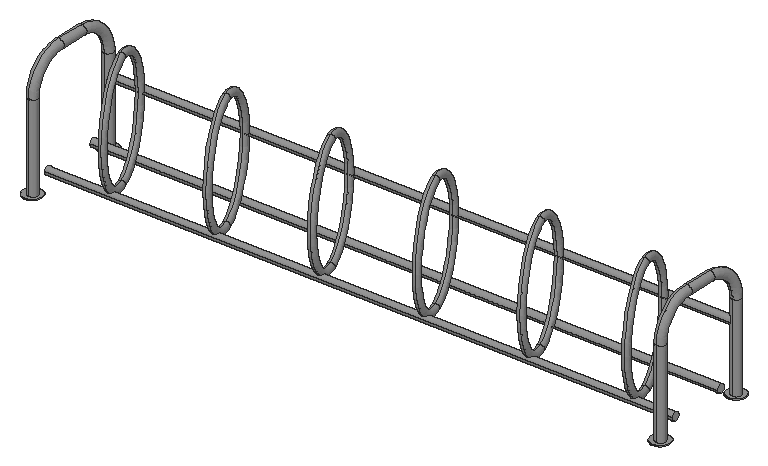
Revit family "61019 Велопарковка «Локус» Хоббика", category Антураж, Revit 2018
Family settings
  На основе рабочей плоскости = Нет
  Всегда вертикально = Да
  При загрузке вырезать с полостями = Нет
  Источник визуального образа = Геометрия семейства
  Общий = Нет
  Точка расчета площади = Нет
Parameters (values of type "7 мест")
  Ширина = 550 mm  # constant formula
  Цвет каркаса = Сталь
  Описание = if([7 мест], "Велопарковка «Локус». Версия на 7 мест", if([11 мест], "Велопарковка «Локус». Версия на 11 мест", "Велопарковка «Локус». Версия на 17 мест"))  # "Велопарковка «Локус». Версия на 7 мест"
  Материал изделия = "Сталь"  # constant formula
  Кол-во мест = if([7 мест], 6, if([11 мест], 10, 16))  # 6
  Изображение типоразмера = Велопарковка «Локус» Арт 61019.jpg
  Изготовитель = "ООО «Хоббика»"  # constant formula
  Длина = if([7 мест], 3360 mm, if([11 мест], 4820 mm, 7000 mm))  # 3360 mm
  Группа модели = "Велопарковки"  # constant formula
  Высота = 660 mm  # constant formula
  Артикул товара = "Арт. 61019"  # constant formula
  URL = "https://hobbyka.ru/product/veloparkovka_lokus"
  7 мест = yes
  17 мест = no
  11 мест = no
Types (4, lengths in mm): name | Описание | Кол-во мест | Длина | 7 мест | 17 мест | 11 мест
  (no name) | "Велопарковка «Локус». Версия на 7 мест" | 6 | 3360 | yes | no | no
  7 мест | "Велопарковка «Локус». Версия на 7 мест" | 6 | 3360 | yes | no | no
  11 мест | "Велопарковка «Локус». Версия на 11 мест" | 10 | 4820 | no | no | yes
  17 мест | "Велопарковка «Локус». Версия на 17 мест" | 16 | 7000 | no | yes | no
Reference planes
  plane 1 "По центру (Вперед/Назад)": y = 0
  plane 2: z = 0
  plane 3 "По центру (Влево/Вправо)": x = 0
  plane 4: x = 3360
  plane 5: y = 550
  plane 6: z = 660
  plane 7: x = 25
  plane 8: x = 3335
  plane 9: x = 3160
Forms (mm)
  Sweep 1, solid, material "Сталь" <- "Цвет каркаса"
    path origin (0, 0, 0) x (0, 1, 0) y (0, 0, 1)
      loop
        line (550, 0) -> (550, 460)
        arc (550, 460) -> (491.421, 601.421) -> (350, 660) r 200
        line (350, 660) -> (200, 660)
        arc (200, 660) -> (58.579, 601.421) -> (0, 460) r 200
        line (0, 460) -> (0, 0)
    profile origin (0, 550, 230) x (0, -1, 0) y (1, 0, 0)
      loop
        circle (25, 25) r 25
  Sweep 2, solid, material "Сталь" <- "Цвет каркаса"
    path origin (1475, 0, 0) x (0, 1, 0) y (0, 0, 1)
      loop
        line (550, 0) -> (550, 460)
        arc (550, 460) -> (491.421, 601.421) -> (350, 660) r 200
        line (350, 660) -> (200, 660)
        arc (200, 660) -> (58.579, 601.421) -> (0, 460) r 200
        line (0, 460) -> (0, 0)
    profile origin (1475, 550, 230) x (0, -1, 0) y (1, 0, 0)
      loop
        circle (25, 1860) r 25
  Extrusion 3, solid, material "Сталь" <- "Цвет каркаса"
    sketch origin (0, 0, 0) x (0, 1, 0) y (0, 0, 1)
      loop
        circle (525, 341.92) r 20
      loop
        circle (425, 70) r 20
      loop
        circle (125, 70) r 20
    from 25 to 3335
  Extrusion 4, solid, material "Сталь" <- "Цвет каркаса"
    sketch origin (0, 0, 0) x (1, 0, 0) y (0, 1, 0)
      loop
        circle (25, 525) r 50
      loop
        circle (25, 25) r 50
    from 0 to 3
  Extrusion 5, solid, material "Сталь" <- "Цвет каркаса"
    sketch origin (6950, 0, 0) x (1, 0, 0) y (0, 1, 0)
      loop
        circle (-3615, 525) r 50
      loop
        circle (-3615, 25) r 50
    from 0 to 3
Dimensions and locks
  "Ширина": plane 5 to plane 1 "По центру (Вперед/Назад)"
  "Длина": plane 3 "По центру (Влево/Вправо)" to plane 4
  "Высота": plane 6 to plane 2
  locked: Sweep 2 sketch curve to plane 4 at 25
  locked: plane 3 "По центру (Влево/Вправо)" to plane 7 at 25
  locked: plane 8 to plane 4 at 25
  locked: plane 9 to plane 4 at 200
  plane 3 "По центру (Влево/Вправо)" to nested 1 = 200 mm
  equal spacing: group 1, group 3, group 4, group 5, group 6, group 2  (x3)
  aligned and locked: level to plane 2
  aligned and locked: Extrusion 3 to plane 7
  aligned and locked: Extrusion 3 to plane 8
  aligned and locked: plane 9 to nested 2
Automatic sketch dimensions
  Sweep 1 sketch curve to plane 1 "По центру (Вперед/Назад)" = 0 mm
  Sweep 1 sketch curve to plane 6 = 0 mm
  Sweep 1 sketch curve to plane 5 = 0 mm
  Sweep 1 sketch curve to level = 0 mm  (x2)
  Sweep 1 sketch curve to plane 1 "По центру (Вперед/Назад)" = 200 mm
  Sweep 1 sketch curve to Sweep 1 sketch curve = 150 mm
  Sweep 1 sketch curve to profile plane = 25 mm
  plane 3 "По центру (Влево/Вправо)" to Sweep 1 sketch curve = 25 mm
  Sweep 2 sketch curve to plane 1 "По центру (Вперед/Назад)" = 0 mm
  Sweep 2 sketch curve to plane 6 = 0 mm
  Sweep 2 sketch curve to plane 5 = 0 mm
  Sweep 2 sketch curve to level = 0 mm  (x2)
  Sweep 2 sketch curve to plane 1 "По центру (Вперед/Назад)" = 200 mm
  Sweep 2 sketch curve to Sweep 2 sketch curve = 150 mm
  Sweep 2 sketch curve to profile plane = 25 mm
  Extrusion 3 sketch curve to plane 1 "По центру (Вперед/Назад)" = 125 mm
  Extrusion 3 sketch curve to plane 5 = 125 mm
  Extrusion 3 sketch curve to plane 5 = 25 mm
  level to Extrusion 3 sketch curve = 70 mm  (x2)
  Extrusion 3 sketch curve to Extrusion 3 sketch curve = 271.92 mm
  Extrusion 4 sketch curve to plane 7 = 0 mm  (x2)
  Extrusion 4 sketch curve to plane 1 "По центру (Вперед/Назад)" = 25 mm
  Extrusion 4 sketch curve to plane 5 = 25 mm
  Extrusion 5 sketch curve to plane 8 = 0 mm  (x2)
  Extrusion 5 sketch curve to plane 1 "По центру (Вперед/Назад)" = 25 mm
  Extrusion 5 sketch curve to plane 5 = 25 mm
  radius of Sweep 1 sketch curve = 25 mm
  radius of Sweep 2 sketch curve = 25 mm
  radius of Extrusion 3 sketch curve = 20 mm  (x3)
  radius of Extrusion 4 sketch curve = 50 mm  (x2)
  radius of Extrusion 5 sketch curve = 50 mm  (x2)
Nested families
  nested 1: "Велопарковка «Локус» опора" at (200, 10, 0), type "Велопарковка «Локус» опора"
  nested 2: "Велопарковка «Локус» опора" at (2960, 10, 0), type "Велопарковка «Локус» опора"
  nested 3: "Велопарковка «Локус» опора" at (752, 10, 0), type "Велопарковка «Локус» опора"
  nested 4: "Велопарковка «Локус» опора" at (1304, 10, 0), type "Велопарковка «Локус» опора"
  nested 5: "Велопарковка «Локус» опора" at (1856, 10, 0), type "Велопарковка «Локус» опора"
  nested 6: "Велопарковка «Локус» опора" at (2408, 10, 0), type "Велопарковка «Локус» опора"
Definition of nested family "Велопарковка «Локус» опора"
  Parameters (values of type "Велопарковка «Локус» опора")
    Цвет каркаса = none
    Height = 0 mm
  Reference planes
    plane 1 "По центру (Вперед/Назад)": y = 0
    plane 2: z = 0
    plane 3 "По центру (Влево/Вправо)": x = 0
    plane 4: x = 200
  Forms (mm)
    Sweep 1, solid, material <- "Цвет каркаса"
      path origin (-60.83, -101.822, 0) x (-0.363636, 0.931541, 0) y (0, 0, 1)
        loop
          spline (275, 20) -> (346.175, 30.904) -> (412.5, 62.872) -> (469.454, 113.726) -> (513.157, 180) -> (540.63, 257.178) -> (550, 340) -> (540.63, 422.822) -> (513.157, 500) -> (469.454, 566.274) -> (412.5, 617.128) -> (346.175, 649.096) -> (275, 660)
          spline (275, 660) -> (203.825, 649.096) -> (137.5, 617.128) -> (80.546, 566.274) -> (36.843, 500) -> (9.37, 422.822) -> (0, 340) -> (9.37, 257.178) -> (36.843, 180) -> (80.546, 113.726) -> (137.5, 62.872) -> (203.825, 30.904) -> (275, 20)
      profile origin (-60.83, -101.822, 340) x (0.363636, -0.931541, 0) y (0.931541, 0.363636, 0)
        loop
          circle (-17.5, 280) r 17.5
  Dimensions and locks
    aligned and locked: level to plane 2
